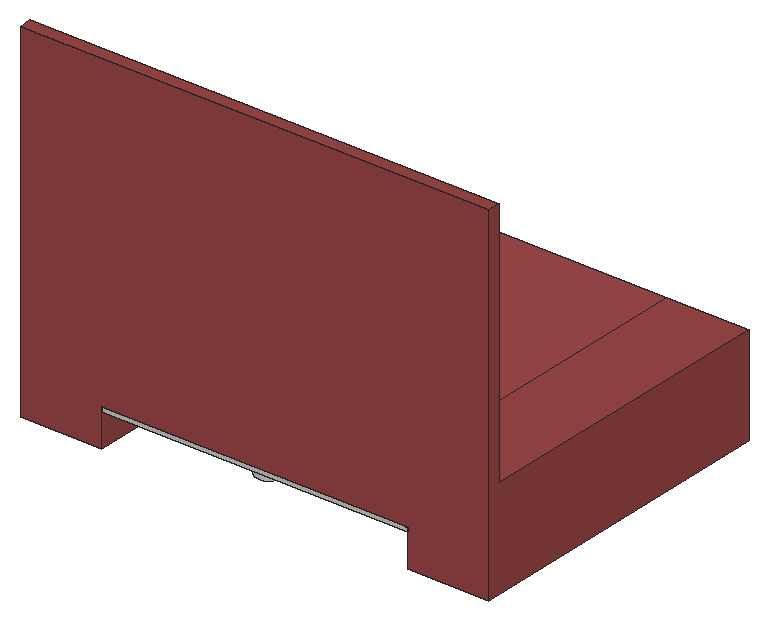
Revit family "Sanitary_Basins_Cosentino_Nova", category Plumbing Fixtures, host Wall, Revit 2020
Family settings
  Host = Wall
  Round Connector Dimension = Use Diameter
  Part Type = Normal
  Always vertical = Yes
  Cut with Voids When Loaded = No
  Shared = No
  Room Calculation Point = No
Parameters (values of type "Basin 490mm")
  Ι_Wdth Cntrl [instance] = if(Width < 450 mm, 450 mm, if(Width > 600 mm, 600 mm, Width))  # 500 mm
  Ι_Typ Ntgr = 1
  Ι_Lngth Cntrl [instance] = if(and(Ι_Typ Ntgr = 1, Length < 700 mm), 700 mm, if(and(Ι_Typ Ntgr = 2, Length < 1110 mm), 1110 mm, if(and(Ι_Typ Ntgr = 3, Length < 1410 mm), 1410 mm, if(and(or(Ι_Typ Ntgr = 1, Ι_Typ Ntgr = 2, Ι_Typ Ntgr = 3), Length > 3000 mm), 3000 mm, Length))))  # 750 mm
  Ι_Hght Cntrl [instance] = if(Standard Edge, 160 mm, 125 mm)  # 160 mm
  Ι_Dstnc = if(Ι_Typ Ntgr = 1, 490 mm, if(Ι_Typ Ntgr = 2, 900 mm, 1200 mm))  # 490 mm
  Width [instance] = 500 mm
  URL = "www.cosentino.com"
  Standard Edge [instance] = yes
  Product data url = "https://www.bimobject.com/cosentino/product/cosentino-nova"
  Product Material = Natural Stone - Cosentino - Silestone - Royal Reef - Suede
  Product Guid = "3c3fd722-512b-48db-a52c-fd5fd0c83220"
  Model = "Nova"
  Manufacturer = "Cosentino"
  Length [instance] = 750 mm
  Keynote = "10800"
  Edition number = 1
  Edge Height [instance] = Ι_Hght Cntrl  # 160 mm
  Description = "The basin is one of the stars of your bathroom. Cosentino offers unique designs which fit smoothly into your room, your style, and the needs of your family.\r\n\r\nWhether it’s for a master bathroom or a downstairs WC, we have the perfect product to transform your bathroom into a warm, welcoming space."
  Default Elevation = 0 mm
  Assembly Code = "D2010400"
Reference planes
  plane 1 "Wall": y = 0
  plane 2 "Center (Left/Right)": x = 125
  plane 3 "Back": y = 75
  plane 4: y = 595
  plane 5: x = -250
  plane 6: x = 500
  plane 7 "Top": z = 900
  plane 8: y = 95
  plane 9: x = 370
  plane 10: z = 880
  plane 11: z = 740
  plane 12: y = 575
  plane 13: z = 1300
  plane 14: z = 800
  plane 15: x = -120
  plane 16: x = 125
  plane 17 "Connector": z = 778.316
Forms (mm)
  Extrusion 1, solid, material "Natural Stone - Cosentino - Silestone - Royal Reef - Suede" <- "Product Material", detail levels fine
    sketch origin (0, 0, 0) x (1, 0, 0) y (0, 1, 0)
      loop
        line (-250, 95) -> (-120, 95) -> (-120, 595) -> (-250, 595) -> (-250, 95)
      loop
        line (370, 95) -> (500, 95) -> (500, 595) -> (370, 595) -> (370, 95)
    from 900 to 880
  Extrusion 2, solid, material "Natural Stone - Cosentino - Silestone - Royal Reef - Suede" <- "Product Material", detail levels fine
    sketch origin (0, 0, 0) x (1, 0, 0) y (0, 1, 0)
      loop
        line (-250, 95) -> (-230, 95) -> (-230, 575) -> (-140, 575) -> (-140, 95) -> (-120, 95) -> (-120, 595) -> (-250, 595) -> (-250, 95)
      loop
        line (370, 95) -> (390, 95) -> (390, 575) -> (480, 575) -> (480, 95) -> (500, 95) -> (500, 595) -> (370, 595) -> (370, 95)
    from 740 to 880
  Extrusion 3, solid, material "Natural Stone - Cosentino - Silestone - Royal Reef - Suede" <- "Product Material", detail levels fine
    sketch origin (0, 75, 0) x (1, 0, 0) y (0, 0, 1)
      loop
        line (500, 1300) -> (-250, 1300) -> (-250, 740) -> (-120, 740) -> (-120, 800) -> (370, 800) -> (370, 740) -> (500, 740) -> (500, 1300)
    from 0 to -20
  Extrusion 4, solid, material "Natural Stone - Cosentino - Silestone - Royal Reef - Suede" <- "Product Material", detail levels fine
    sketch origin (125, 0, 0) x (0, 1, 0) y (0, 0, 1)
      loop
        line (575, 874.956) -> (595, 900) -> (99.881, 820.328) -> (98.321, 817.964) -> (101.908, 800.325) -> (575, 874.956)
    from -245 to 245
  Extrusion 5, solid, material "Natural Stone - Cosentino - Silestone - Royal Reef - Suede" <- "Product Material", detail levels fine
    sketch origin (125, 0, 0) x (0, 1, 0) y (0, 0, 1)
      loop
        line (595, 740) -> (595, 900) -> (575, 874.956) -> (575, 740) -> (595, 740)
    from -245 to 245
  Extrusion 6, solid, material "Metal - Cosentino - Stainless Steel"
    sketch origin (125, 0, 0) x (0, 1, 0) y (0, 0, 1)
      loop
        line (130.599, 804.851) -> (130.599, 794.316) -> (76, 794.316) -> (76, 800) -> (75, 800) -> (75, 793.316) -> (131.599, 793.316) -> (131.599, 805.009) -> (130.599, 804.851)
    from -245 to 245
  Extrusion 7, solid, not visible
    sketch origin (0, 0, 0) x (1, 0, 0) y (0, 1, 0)
      loop
        circle (125, 103.3) r 1
    from 779.333 to 778.316
  Extrusion 8, solid, material "Metal - Cosentino - Stainless Steel"
    sketch origin (2283.561, 225, 778.316) x (1, 0, 0) y (0, 1, 0)
      loop
        circle (-2158.561, -121.629) r 20
    from 0 to 15
  Extrusion 9, solid, material "Natural Stone - Cosentino - Silestone - Royal Reef - Suede" <- "Product Material", detail levels medium
    sketch origin (125, 0, 0) x (0, 1, 0) y (0, 0, 1)
      loop
        line (75, 1300) -> (75, 740) -> (595, 740) -> (595, 900) -> (95, 900) -> (95, 1300) -> (75, 1300)
    from -375 to 375
  Extrusion 10, solid, material "Natural Stone - Cosentino - Silestone - Royal Reef - Suede" <- "Product Material", detail levels coarse
    sketch origin (125, 0, 0) x (0, 1, 0) y (0, 0, 1)
      loop
        line (595, 740) -> (595, 1300) -> (75, 1300) -> (75, 740) -> (595, 740)
    from -375 to 375
  Extrusion 11, void
    sketch origin (2283.561, 225, 740) x (1, 0, 0) y (0, 1, 0)
      loop
        circle (-2158.561, -122) r 20
    from 0 to 38.316
Cuts and joins
  joined: Extrusion 1, Extrusion 2, Extrusion 3, Extrusion 4, Extrusion 5
  joined: Extrusion 6, Extrusion 8
  Extrusion 11 cuts Extrusion 10
  Extrusion 11 cuts Extrusion 9
Text (mm)
  text "Placement Side" at (-1848.837, 1116.779, 0), in view "Ref. Level"
  text "Placement side" at (0, 1409.804, 2854.306), in view "Left"
  text "Placement side" at (0, 499.811, 2980.732), in view "Right"
Dimensions and locks
  locked: plane 3 "Back" to host wall
  equal spacing: plane 5, plane 2 "Center (Left/Right)", plane 6
  locked: plane 3 "Back" to plane 8 at 20
  locked: plane 9 to plane 6 at 130
  "Ι_Lngth Cntrl": plane 5 to plane 6
  locked: plane 10 to plane 7 "Top" at 20
  "Ι_Hght Cntrl": plane 11 to plane 7 "Top"
  locked: plane 4 to plane 12 at 20
  locked: plane 5 to Extrusion 2 sketch curve at 20
  locked: plane 9 to Extrusion 2 sketch curve at 20
  locked: Extrusion 2 sketch curve to plane 6 at 20
  plane 14 to plane 7 "Top" to plane 13 = 100 mm locked, 400 mm locked
  "Ι_Wdth Cntrl": plane 4 to plane 8
  Extrusion 4 sketch curve to Extrusion 4 sketch curve to Extrusion 4 sketch curve to plane 8 = 2.027 mm locked, 1.56 mm locked, 3.321 mm locked
  plane 7 "Top" to Extrusion 4 sketch curve to Extrusion 4 sketch curve to Extrusion 4 sketch curve to Extrusion 4 sketch curve = 25.044 mm locked, 54.628 mm locked, 2.364 mm locked, 17.639 mm locked
  "Ι_Dstnc": plane 15 to plane 9
  plane 5 to plane 6 = 750 mm
  locked: Extrusion 2 sketch curve to plane 15 at 20
  locked: plane 7 "Top" to Extrusion 5 sketch curve at 25.044
  Extrusion 6 sketch curve to Extrusion 6 sketch curve to Extrusion 6 sketch curve to plane 3 "Back" = 1 mm locked, 54.599 mm locked, 1 mm locked
  plane 7 "Top" to Extrusion 6 sketch curve to Extrusion 6 sketch curve to Extrusion 6 sketch curve to Extrusion 6 sketch curve = 94.991 mm locked, 0.158 mm locked, 10.535 mm locked, 1 mm locked
  equal spacing: plane 15, plane 16, plane 9
  locked: plane 17 "Connector" to plane 14 at 21.684
  equal spacing: plane 3 "Back", Extrusion 7 sketch curve, Extrusion 6, locked at 28.3 each
  locked: Extrusion 8 sketch curve to plane 3 "Back" at 28.371
  locked: Extrusion 8 to plane 17 "Connector" at 15
  locked: plane 3 "Back" to Extrusion 11 sketch curve at 28
  aligned and locked: plane 1 "Wall" to host wall
  aligned and locked: plane 4 to Extrusion 1 sketch curve  (x2)
  aligned and locked: plane 9 to Extrusion 1 sketch curve
  aligned and locked: Extrusion 1 sketch curve to plane 6
  aligned and locked: Extrusion 1 sketch curve to plane 5
  aligned and locked: plane 7 "Top" to Extrusion 1
  aligned and locked: Extrusion 1 to plane 10
  aligned and locked: Extrusion 2 sketch curve to plane 12  (x2)
  aligned and locked: plane 5 to Extrusion 2 sketch curve
  aligned and locked: Extrusion 2 sketch curve to plane 9
  aligned and locked: plane 6 to Extrusion 2 sketch curve
  aligned and locked: Extrusion 2 sketch curve to plane 4
  aligned and locked: plane 10 to Extrusion 2
  aligned and locked: Extrusion 2 to plane 11
  aligned and locked: plane 5 to Extrusion 3 sketch curve
  aligned and locked: Extrusion 3 sketch curve to plane 13
  aligned and locked: plane 6 to Extrusion 3 sketch curve
  aligned and locked: plane 8 to Extrusion 3
  aligned and locked: Extrusion 2 sketch curve to plane 8  (x2)
  aligned and locked: plane 8 to Extrusion 2 sketch curve  (x2)
  aligned and locked: Extrusion 1 sketch curve to plane 8  (x2)
  aligned and locked: plane 11 to Extrusion 3 sketch curve
  aligned and locked: plane 4 to Extrusion 4 sketch curve
  aligned and locked: plane 12 to Extrusion 4 sketch curve
  aligned and locked: Extrusion 4 to plane 9
  aligned and locked: plane 15 to Extrusion 4
  aligned and locked: Extrusion 1 sketch curve to plane 15
  aligned and locked: plane 15 to Extrusion 2 sketch curve
  aligned and locked: Extrusion 5 sketch curve to plane 4
  aligned and locked: plane 12 to Extrusion 5 sketch curve
  aligned and locked: plane 11 to Extrusion 5 sketch curve
  aligned and locked: plane 7 "Top" to Extrusion 5 sketch curve
  aligned and locked: plane 15 to Extrusion 5
  aligned and locked: Extrusion 5 to plane 9
  aligned and locked: plane 15 to Extrusion 3 sketch curve
  aligned and locked: Extrusion 3 sketch curve to plane 14
  aligned and locked: plane 9 to Extrusion 3 sketch curve
  aligned and locked: Extrusion 6 sketch curve to plane 3 "Back"
  aligned and locked: Extrusion 6 sketch curve to plane 14
  aligned and locked: plane 15 to Extrusion 6
  aligned and locked: Extrusion 6 to plane 9
  aligned and locked: plane 16 to Extrusion 7 sketch curve
  aligned and locked: plane 17 "Connector" to Extrusion 7
  aligned and locked: plane 16 to Extrusion 8 sketch curve
  aligned and locked: Extrusion 7 to plane 17 "Connector"  (x2)
  aligned and locked: plane 3 "Back" to Extrusion 9 sketch curve
  aligned and locked: plane 8 to Extrusion 9 sketch curve
  aligned and locked: plane 7 "Top" to Extrusion 9 sketch curve
  aligned and locked: Extrusion 9 sketch curve to plane 11
  aligned and locked: Extrusion 9 to plane 5
  aligned and locked: Extrusion 9 to plane 6
  aligned and locked: plane 13 to Extrusion 10 sketch curve
  aligned and locked: plane 4 to Extrusion 10 sketch curve
  aligned and locked: Extrusion 10 sketch curve to plane 11
  aligned and locked: plane 3 "Back" to Extrusion 10 sketch curve
  aligned and locked: Extrusion 10 to plane 5
  aligned and locked: Extrusion 10 to plane 6
  aligned and locked: plane 16 to Extrusion 11 sketch curve
  aligned and locked: plane 17 "Connector" to Extrusion 11
Automatic sketch dimensions
  Extrusion 2 sketch curve to plane 4 = 0 mm
  Extrusion 4 sketch curve to plane 7 "Top" = 0 mm
  Extrusion 3 sketch curve to plane 11 = 0 mm
  Extrusion 9 sketch curve to plane 4 = 0 mm
  Extrusion 9 sketch curve to plane 13 = 0 mm
  radius of Extrusion 7 sketch curve = 1 mm
  radius of Extrusion 8 sketch curve = 20 mm
  radius of Extrusion 11 sketch curve = 20 mm
Connectors
  piping at (125, 103.3, 778.316), diameter 40
    settings: on Extrusion 7, index 1, connector inside diameter 609.6 mm, connector length 0 mm, flow factor 0, pipe flow 0.0 L/s, pressure drop 0.0 Pa, fitting loss kfactor 0, connector angle 0.00°, fixture units 0, engagement length 0 mm, angle of deflection 0.00°, flow configuration 3, flow direction 2, fitting loss method 0, system type 16, joint type 0, gender type 0, connector reference index -1, connector utility 0, adjustable connector no, is connector primary yes, connector description ""
